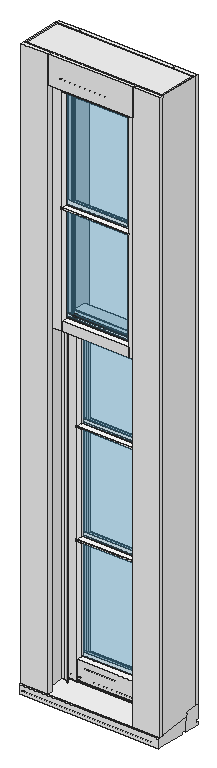
Revit family "B1-23H", category Generic Models, Revit 2012
Parameters (values of type "Window Sill drawing")
  Width = 1600 mm
  Height = 1250 mm
  GlazingPanelMaterial = Glass
  Floor Material = White
Reference planes
  plane 1 "Center (Front/Back)": y = 0
  plane 2: z = 0
  plane 3 "Center (Left/Right)": x = 104
  plane 4: z = 2144
  plane 5: x = -800
  plane 6: y = -21.25
  plane 7: y = 137.75
  plane 8: x = -673.921
  plane 9: y = -21.25
  plane 10: z = 1275.52
  plane 11: z = 1231.52
  plane 12: z = 2044
  plane 13: z = 2058
  plane 14: z = 33
  plane 15: z = 2062
  plane 16: z = 68
  plane 17: x = -289
  plane 18: x = -431.5
  plane 19: x = -184.921
  plane 20: z = -98.018
  plane 21: x = 73
  plane 22: x = 718
  plane 23: z = 2144
  plane 24: y = 110
  plane 25: y = 110
  plane 26: y = 110
  plane 27: z = 503.56
  plane 28: z = 2013.938
  plane 29: z = 1628.52
  plane 30: y = 39
  plane 31: y = 39
  plane 32: y = 39
  plane 33: x = -419.843
  plane 34: z = 1276.011
  plane 35: x = -669
  plane 36: z = 1276.011
  plane 37: x = -419.937
  plane 38: z = 877.04
  plane 39: y = 110
  plane 40: y = 110
  plane 41: y = 110
Forms (mm)
  Extrusion 1, solid, material "White" <- "Floor Material"
    sketch origin (250, 0, 963.815) x (0, 1, 0) y (0, 0, 1)
      loop
        arc (117, 270.705) -> (122.657, 273.048) -> (125, 278.705) r 8
        line (125, 278.705) -> (128, 278.705) -> (128, 283.705) -> (109, 283.705) -> (109, 271.705) -> (112, 271.705) -> (113, 267.705) -> (117, 267.705) -> (117, 270.705)
      loop
        line (105, 279.705) -> (89, 279.705) -> (89, 269.705) -> (105, 269.705) -> (105, 279.705)
      loop
        line (60, 267.705) -> (60, 292.705) -> (54, 292.705) -> (54, 295.705) -> (12, 295.705) -> (12, 311.705) -> (10, 311.705) -> (0, 301.705) -> (0, 267.705) -> (30.175, 267.705) -> (60, 267.705)
      loop
        line (34, 309.705) -> (18, 309.705) -> (18, 299.705) -> (34, 299.705) -> (34, 309.705)
      loop
        arc (55.665, 295.442) -> (54.649, 294.458) -> (55.634, 293.443) r 1
        line (55.634, 293.443) -> (63.133, 293.326) -> (63.194, 297.295) -> (65.207, 294.451)
        arc (65.207, 294.451) -> (66.521, 294.532) -> (66.643, 295.843) r 1.012
        line (66.643, 295.843) -> (63.721, 299.971)
        arc (63.721, 299.971) -> (62.24, 300.518) -> (61.196, 299.332) r 1.396
        line (61.196, 299.332) -> (61.134, 295.357) -> (55.665, 295.442)
    from -917.922 to -670.921
  Extrusion 2, solid, material "White" <- "Floor Material"
    sketch origin (1015, 13.291, 911.009) x (0, 1, 0) y (0, 0, 1)
      loop
        line (69.709, 336.511) -> (96.209, 336.511) -> (96.209, 364.511) -> (50.709, 364.511) -> (50.709, 359.511) -> (52.709, 349.511) -> (57.709, 349.511) -> (57.709, 339.968) -> (63.93, 339.968) -> (63.93, 336.511) -> (57.709, 336.511) -> (57.709, 320.511) -> (69.709, 320.511) -> (69.709, 336.511)
      loop
        line (53.709, 320.511) -> (53.709, 325.511) -> (51.709, 335.511) -> (46.709, 335.511) -> (46.709, 320.511) -> (53.709, 320.511)
      loop
        line (46.709, 364.511) -> (28.709, 364.511) -> (27.709, 360.511) -> (24.709, 360.511) -> (24.709, 348.511) -> (46.709, 348.511) -> (46.709, 364.511)
      loop
        arc (62.306, 337.456) -> (63.306, 338.456) -> (62.306, 339.456) r 1
        line (62.306, 339.456) -> (54.806, 339.456) -> (54.806, 335.487) -> (52.749, 338.298)
        arc (52.749, 338.298) -> (51.436, 338.197) -> (51.335, 336.884) r 1.012
        line (51.335, 336.884) -> (54.321, 332.802)
        arc (54.321, 332.802) -> (55.811, 332.278) -> (56.835, 333.48) r 1.396
        line (56.835, 333.48) -> (56.835, 337.456) -> (62.306, 337.456)
    from -1688.922 to -1429.921
  Extrusion 3, solid, material "White" <- "Floor Material"
    sketch origin (865, 123.171, 924.733) x (0, 1, 0) y (0, 0, 1)
      loop
        line (-14.171, 306.296) -> (-10.171, 306.787) -> (-11.171, 310.787) -> (-14.171, 310.787) -> (-14.171, 306.296)
      loop
        line (-38.171, 306.542) -> (-38.171, 309.542) -> (-40.171, 309.787) -> (-40.171, 306.787) -> (-38.171, 306.542)
      loop
        line (-85.171, 351.278) -> (-85.171, 346.787) -> (-82.171, 346.787) -> (-81.171, 350.787) -> (-85.171, 351.278)
      loop
        line (-111.171, 347.787) -> (-109.171, 348.033) -> (-109.171, 351.033) -> (-111.171, 350.787) -> (-111.171, 347.787)
    from -1538.921 to -1279.921
  Extrusion 4, solid, material "Glass" <- "GlazingPanelMaterial"
    sketch origin (150, 64.106, 220.533) x (0, 1, 0) y (0, 0, 1)
      loop
        line (44.88, -103.528) -> (44.88, 1021.987) -> (40.88, 1021.987) -> (40.88, -103.528) -> (44.88, -103.528)
      loop
        line (24.88, 1021.987) -> (20.88, 1021.987) -> (20.88, -103.528) -> (24.88, -103.528) -> (24.88, 1021.987)
    from -823.921 to -580.921
  Extrusion 5, solid, material "White" <- "Floor Material"
    sketch origin (761.418, 125.498, 1270.719) x (0, -0.121869, -0.992546) y (0, 0.992546, -0.121869)
      loop
        line (28.327, -57.65) -> (23.969, -54.354)
        arc (23.969, -54.354) -> (22.506, -54.612) -> (22.765, -56.075) r 1.05
        line (22.765, -56.075) -> (26.332, -58.837)
        arc (26.332, -58.837) -> (26.584, -59.776) -> (25.835, -60.396) r 0.9
        line (25.835, -60.396) -> (19.693, -61.15)
        arc (19.693, -61.15) -> (19.162, -61.383) -> (18.989, -61.936) r 0.7
        line (18.989, -61.936) -> (19.197, -63.633) -> (19.712, -64.398) -> (20.1, -67.562) -> (19.196, -66.76) -> (19.293, -67.554) -> (20.152, -68.225) -> (20.951, -68.183) -> (23.094, -67.324) -> (22.996, -66.53) -> (20.532, -66.978) -> (20.205, -64.315)
        arc (20.205, -64.315) -> (20.389, -63.651) -> (20.989, -63.312) r 0.9
        line (20.989, -63.312) -> (28.761, -62.358)
        arc (28.761, -62.358) -> (29.205, -62.1) -> (29.324, -61.601) r 0.65
        line (29.324, -61.601) -> (28.752, -58.33)
        arc (28.752, -58.33) -> (28.631, -57.932) -> (28.327, -57.65) r 0.798
    from -1435.339 to -1181
  Extrusion 6, solid, material "White" <- "Floor Material"
    sketch origin (911.418, 126.532, 1271.954) x (0, -0.121869, -0.992546) y (0, 0.992546, -0.121869)
      loop
        arc (25.38, -55.148) -> (23.778, -55.428) -> (24.057, -57.03) r 1.15
        line (24.057, -57.03) -> (27.62, -59.789)
        arc (27.62, -59.789) -> (27.84, -60.623) -> (27.175, -61.172) r 0.8
        line (27.175, -61.172) -> (20.939, -61.931)
        arc (20.939, -61.931) -> (20.405, -62.232) -> (20.241, -62.823) r 0.8
        line (20.241, -62.823) -> (20.45, -64.52) -> (20.968, -65.312) -> (21.339, -68.337) -> (20.548, -67.635) -> (20.645, -68.429) -> (21.504, -69.1) -> (22.303, -69.058) -> (24.446, -68.2) -> (24.348, -67.406) -> (21.983, -67.835) -> (21.657, -65.178)
        arc (21.657, -65.178) -> (21.82, -64.588) -> (22.353, -64.287) r 0.8
        line (22.353, -64.287) -> (30.127, -63.332)
        arc (30.127, -63.332) -> (30.638, -63.034) -> (30.774, -62.459) r 0.75
        line (30.774, -62.459) -> (30.244, -59.424)
        arc (30.244, -59.424) -> (30.154, -58.918) -> (29.833, -58.516) r 1.042
        line (29.833, -58.516) -> (25.38, -55.148)
    from -1585.339 to -1331
  Extrusion 7, solid, material "White" <- "Floor Material"
    sketch origin (861.418, 121.497, 1283.598) x (0, -0.121869, -0.992546) y (0, 0.992546, -0.121869)
      loop
        line (37.899, -55.316) -> (32.161, -55.997)
        arc (32.161, -55.997) -> (31.827, -56.184) -> (31.724, -56.554) r 0.5
        line (31.724, -56.554) -> (32.395, -62.021) -> (31.491, -61.219) -> (31.588, -62.013) -> (32.447, -62.684) -> (33.246, -62.642) -> (35.389, -61.784) -> (35.291, -60.989) -> (32.827, -61.437) -> (32.285, -57.019)
        arc (32.285, -57.019) -> (32.428, -56.659) -> (32.772, -56.479) r 0.558
        line (32.772, -56.479) -> (37.96, -55.818)
        arc (37.96, -55.818) -> (38.179, -55.536) -> (37.899, -55.316) r 0.253
    from -1535.339 to -1302.918
  Extrusion 8, solid, material "White" <- "Floor Material"
    sketch origin (-78.582, 5.502, 1236.603) x (0, 0.121869, 0.992546) y (0, -0.992546, 0.121869)
      loop
        line (28.327, -57.65) -> (23.969, -54.354)
        arc (23.969, -54.354) -> (22.506, -54.612) -> (22.765, -56.075) r 1.05
        line (22.765, -56.075) -> (26.332, -58.837)
        arc (26.332, -58.837) -> (26.584, -59.776) -> (25.835, -60.396) r 0.9
        line (25.835, -60.396) -> (19.693, -61.15)
        arc (19.693, -61.15) -> (19.162, -61.383) -> (18.989, -61.936) r 0.7
        line (18.989, -61.936) -> (19.197, -63.633) -> (19.712, -64.398) -> (20.1, -67.562) -> (19.196, -66.76) -> (19.293, -67.554) -> (20.152, -68.225) -> (20.951, -68.183) -> (23.094, -67.324) -> (22.996, -66.53) -> (20.532, -66.978) -> (20.205, -64.315)
        arc (20.205, -64.315) -> (20.389, -63.651) -> (20.989, -63.312) r 0.9
        line (20.989, -63.312) -> (28.761, -62.358)
        arc (28.761, -62.358) -> (29.205, -62.1) -> (29.324, -61.601) r 0.65
        line (29.324, -61.601) -> (28.752, -58.33)
        arc (28.752, -58.33) -> (28.631, -57.932) -> (28.327, -57.65) r 0.798
    from -595.339 to -352.339
  Extrusion 9, solid, material "White" <- "Floor Material"
    sketch origin (736.418, 9.503, 1223.725) x (0, 0.121869, 0.992546) y (0, -0.992546, 0.121869)
      loop
        line (37.899, -55.316) -> (32.161, -55.997)
        arc (32.161, -55.997) -> (31.827, -56.184) -> (31.724, -56.554) r 0.5
        line (31.724, -56.554) -> (32.395, -62.021) -> (31.491, -61.219) -> (31.588, -62.013) -> (32.447, -62.684) -> (33.246, -62.642) -> (35.389, -61.784) -> (35.291, -60.989) -> (32.827, -61.437) -> (32.285, -57.019)
        arc (32.285, -57.019) -> (32.428, -56.659) -> (32.772, -56.479) r 0.558
        line (32.772, -56.479) -> (37.96, -55.818)
        arc (37.96, -55.818) -> (38.179, -55.536) -> (37.899, -55.316) r 0.253
    from -1410.339 to -1167.339
  Extrusion 10, solid, material "White" <- "Floor Material"
    sketch origin (815, 0, 963.815) x (0, 1, 0) y (0, 0, 1)
      loop
        line (38, 299.705) -> (12, 299.705) -> (12, 295.705) -> (38, 295.705) -> (38, 299.705)
      loop
        line (109, 283.705) -> (83, 283.705) -> (83, 279.705) -> (109, 279.705) -> (109, 283.705)
    from -1488.921 to -1234.582
  Extrusion 11, solid, not visible
    sketch origin (0, 0, 9.375) x (0, 1, 0) y (0, 0, 1)
      loop
        line (94.662, 311.911) -> (94.314, 312.868) -> (95.314, 312.868) -> (93.454, 317.977) -> (86.115, 317.977) -> (85.011, 317.575) -> (64.143, 317.575) -> (64.143, 311.911) -> (94.662, 311.911)
    from 0 to 250
  Extrusion 12, solid, not visible
    sketch origin (0, 0, 9.375) x (0, 1, 0) y (0, 0, 1)
      loop
        line (93.688, 317.334) -> (85.92, 317.334) -> (87.101, 312.926) -> (95.293, 312.926) -> (93.688, 317.334)
      loop
        line (91.853, 322.376) -> (91.853, 328.194)
        arc (91.853, 328.194) -> (91.424, 329.231) -> (90.388, 329.66) r 1.465
        line (90.388, 329.66) -> (71.853, 329.66) -> (71.853, 322.376) -> (91.853, 322.376)
      loop
        line (73.373, 320.598) -> (64.143, 320.598) -> (64.143, 317.575) -> (73.373, 317.575) -> (73.373, 320.598)
      loop
        line (61.169, 311.884) -> (61.169, 316.884) -> (56.169, 316.884)
        arc (56.169, 316.884) -> (53.926, 317.813) -> (52.996, 320.057) r 3.173
        line (52.996, 320.057) -> (52.996, 327.594)
        arc (52.996, 327.594) -> (53.247, 329.284) -> (54.656, 330.25) r 2.138
        line (54.656, 330.25) -> (56.493, 330.25)
        arc (56.493, 330.25) -> (57.939, 329.727) -> (58.925, 328.548) r 2.95
        line (58.925, 328.548) -> (59.306, 324.922) -> (61.24, 324.922) -> (60.612, 330.901)
        arc (60.612, 330.901) -> (59.723, 332.646) -> (57.894, 333.348) r 2.733
        line (57.894, 333.348) -> (52.423, 333.348)
        arc (52.423, 333.348) -> (50.164, 330.795) -> (49.999, 327.391) r 5.139
        line (49.999, 327.391) -> (47.957, 316.884)
        arc (47.957, 316.884) -> (49.179, 314.507) -> (49.698, 311.884) r 9.583
        line (49.698, 311.884) -> (61.169, 311.884)
    from 0 to 250
  Extrusion 13, solid, material "White" <- "Floor Material"
    sketch origin (50, -21.25, 1760.188) x (0, 1, 0) y (0, 0, 1)
      loop
        line (78.5, 268.749) -> (59.5, 268.749) -> (59.5, 256.749) -> (62.5, 256.749) -> (63.5, 252.749) -> (67.5, 252.749) -> (67.5, 255.749)
        arc (67.5, 255.749) -> (73.157, 258.092) -> (75.5, 263.749) r 8
        line (75.5, 263.749) -> (78.5, 263.749) -> (78.5, 268.749)
      loop
        line (67.534, 317.378) -> (63.288, 313.116) -> (63.101, 309.432)
        arc (63.101, 309.432) -> (63.279, 308.951) -> (63.75, 308.749) r 0.65
        line (63.75, 308.749) -> (71.582, 308.749)
        arc (71.582, 308.749) -> (72.219, 308.486) -> (72.482, 307.849) r 0.9
        line (72.482, 307.849) -> (72.482, 305.266) -> (69.639, 305.266) -> (69.639, 304.437) -> (70.5, 304.437) -> (72.582, 304.032) -> (73.5, 304.437) -> (73.5, 308.749) -> (73.4, 310.459)
        arc (73.4, 310.459) -> (73.16, 310.987) -> (72.605, 311.153) r 0.7
        line (72.605, 311.153) -> (66.417, 311.153)
        arc (66.417, 311.153) -> (65.695, 311.514) -> (65.553, 312.309) r 0.9
        line (65.553, 312.309) -> (68.938, 315.817)
        arc (68.938, 315.817) -> (69.016, 317.299) -> (67.534, 317.378) r 1.05
    from -723.921 to -464.921
  Extrusion 14, solid, material "White" <- "Floor Material"
    sketch origin (50, -21.25, 1749.251) x (0, 1, 0) y (0, 0, 1)
      loop
        line (154, 344.749) -> (154, 388.749) -> (20, 388.749) -> (20, 344.749) -> (154, 344.749)
    from -749.921 to -439
  Extrusion 15, solid, material "Glass" <- "GlazingPanelMaterial"
    sketch origin (0, -6.957, 1502.493) x (0, 1, 0) y (0, 0, 1)
      loop
        line (45.207, -226.973) -> (45.207, 526.445) -> (41.207, 526.445) -> (41.207, -226.973) -> (45.207, -226.973)
      loop
        line (24.957, 526.445) -> (20.957, 526.445) -> (20.957, -226.973) -> (24.957, -226.973) -> (24.957, 526.445)
    from -673.921 to -430.921
  Extrusion 16, solid, material "White" <- "Floor Material"
    sketch origin (-72.332, 95.318, 2181.485) x (0, 1, 0) y (0, 0, 1)
      loop
        line (-97.368, -115.408) -> (-98.782, -115.408) -> (-98.782, -120.691) -> (-97.368, -120.691) -> (-97.368, -119.602) -> (-97.368, -116.493) -> (-97.368, -115.408)
    from -601.589 to -359.168
  Extrusion 17, solid, material "White" <- "Floor Material"
    sketch origin (50, -21.25, 1760.188) x (0, 1, 0) y (0, 0, 1)
      loop
        line (17, 304.499) -> (13, 304.499) -> (13, 301.999) -> (17, 301.999) -> (17, 299.749) -> (20, 299.749) -> (20, 301.694) -> (19.2, 301.694) -> (19.2, 300.606) -> (17.786, 300.606) -> (17.786, 305.893) -> (19.2, 305.893) -> (19.2, 304.804) -> (20, 304.804) -> (20, 306.749) -> (17, 306.749) -> (17, 304.499)
    from -723.921 to -481.5
  Extrusion 18, solid, material "White" <- "Floor Material"
    sketch origin (50, -21.25, 1760.188) x (0, 1, 0) y (0, 0, 1)
      loop
        line (23.862, 300.393) -> (23.862, 306.074)
        spline (23.862, 306.074) -> (23.6, 305.683) -> (23.284, 305.425) -> (22.922, 305.27) -> (22.524, 305.189) -> (22.101, 305.153) -> (21.66, 305.133) -> (21.213, 305.1) -> (20.767, 305.024) -> (20.334, 304.876) -> (19.922, 304.627) -> (19.541, 304.248) -> (19.2, 303.71)
        line (19.2, 303.71) -> (19.2, 302.476)
        spline (19.2, 302.476) -> (19.558, 301.967) -> (19.948, 301.615) -> (20.362, 301.392) -> (20.792, 301.269) -> (21.23, 301.216) -> (21.669, 301.205) -> (22.099, 301.206) -> (22.515, 301.191) -> (22.906, 301.132) -> (23.267, 300.998) -> (23.588, 300.761) -> (23.862, 300.393)
    from -723.921 to -484
  Extrusion 19, solid, material "White" <- "Floor Material"
    sketch origin (-22.332, 36.182, 2181.485) x (0, -1, 0) y (0, 0, -1)
      loop
        line (-97.368, 115.408) -> (-97.368, 116.493) -> (-97.368, 119.602) -> (-97.368, 120.691) -> (-98.782, 120.691) -> (-98.782, 115.408) -> (-97.368, 115.408)
    from -695.605 to -411.668
  Extrusion 20, solid, material "White" <- "Floor Material"
    sketch origin (25, 152.75, 1760.188) x (0, -1, 0) y (0, 0, -1)
      loop
        spline (23.862, -300.393) -> (23.588, -300.761) -> (23.267, -300.998) -> (22.906, -301.132) -> (22.515, -301.191) -> (22.099, -301.206) -> (21.669, -301.205) -> (21.23, -301.216) -> (20.792, -301.269) -> (20.362, -301.392) -> (19.948, -301.615) -> (19.558, -301.967) -> (19.2, -302.476)
        line (19.2, -302.476) -> (19.2, -303.71)
        spline (19.2, -303.71) -> (19.541, -304.248) -> (19.922, -304.627) -> (20.334, -304.876) -> (20.767, -305.024) -> (21.213, -305.1) -> (21.66, -305.133) -> (22.101, -305.153) -> (22.524, -305.189) -> (22.922, -305.27) -> (23.284, -305.425) -> (23.6, -305.683) -> (23.862, -306.074)
        line (23.862, -306.074) -> (23.862, -300.393)
    from -698.921 to -456.5
  Extrusion 21, solid, material "White" <- "Floor Material"
    sketch origin (50, 234.566, 1876.409) x (0, 1, 0) y (0, 0, 1)
      loop
        line (-222.316, 137.529) -> (-220.566, 137.744) -> (-220.566, 140.529) -> (-222.316, 140.529) -> (-222.316, 137.529)
      loop
        line (-193.316, 140.529) -> (-196.316, 140.529) -> (-196.316, 136.529) -> (-192.316, 136.529) -> (-193.316, 140.529)
    from -723.921 to -469.582
  Extrusion 22, solid, material "White" <- "Floor Material"
    sketch origin (50, -21.25, 1749.251) x (0, 1, 0) y (0, 0, 1)
      loop
        line (159, 312.749) -> (159, 388.749) -> (20, 388.749) -> (20, 329.749) -> (15, 329.749) -> (15, 321.749) -> (20, 321.749) -> (20, 312.749) -> (83, 312.749) -> (83, 319.749) -> (91, 319.749) -> (91, 312.749) -> (159, 312.749)
    from -767.938 to -421
  Extrusion 23, solid, material "White" <- "Floor Material"
    sketch origin (-172.332, 69.685, -12.907) x (0, -1, 0) y (0, 0, -1)
      loop
        line (-28.815, -17.907) -> (-28.815, -45.907) -> (-33.815, -45.907) -> (-33.815, -60.907) -> (-28.815, -60.907) -> (92.551, -46.005)
        arc (92.551, -46.005) -> (94.432, -45.015) -> (95.185, -43.027) r 3
        line (95.185, -43.027) -> (95.185, -12.907) -> (90.185, -12.907) -> (90.185, -14.907)
        arc (90.185, -14.907) -> (87.185, -17.907) -> (84.185, -14.907) r 3
        line (84.185, -14.907) -> (84.185, -12.907) -> (-8.815, -12.907) -> (-8.815, -17.907) -> (-28.815, -17.907)
    from -627.668 to -116.668
  Extrusion 24, solid, material "White" <- "Floor Material"
    sketch origin (-172.332, 69.685, 0) x (0, -1, 0) y (0, 0, -1)
      loop
        line (-82.815, 0) -> (-82.815, -10) -> (-72.815, -10) -> (-72.815, -20) -> (-82.815, -20) -> (-82.815, -68) -> (-62.815, -68) -> (-28.815, -63.825) -> (-28.815, -58.913)
        arc (-28.815, -58.913) -> (-31.815, -55.913) -> (-28.815, -52.913) r 3
        line (-28.815, -52.913) -> (-28.815, -48) -> (-33.815, -48) -> (-33.815, -33) -> (-28.815, -33) -> (-28.815, 0) -> (-82.815, 0)
    from -627.668 to -116.668
  Extrusion 25, solid, material "White" <- "Floor Material"
    sketch origin (-172.332, 75.723, -26.266) x (0, -1, 0) y (0, 0, -1)
      loop
        line (-6.277, -76.621) -> (-17.277, -77.972) -> (-17.277, -99.936) -> (-21.277, -99.936) -> (-21.277, -139.271) -> (-7.277, -139.271) -> (-7.277, -155.271) -> (-5.277, -155.271) -> (4.723, -145.271) -> (4.723, -77.246)
        arc (4.723, -77.246) -> (3.711, -74.999) -> (1.357, -74.268) r 3
        line (1.357, -74.268) -> (-3.277, -74.837) -> (-3.277, -82.253) -> (-6.277, -82.253) -> (-6.277, -76.621)
      loop
        line (-55.277, -139.271) -> (-29.277, -139.271) -> (-29.277, -99.936) -> (-33.277, -99.936) -> (-33.277, -94.936) -> (-44.277, -96.287) -> (-44.277, -102.287) -> (-47.277, -102.287) -> (-47.277, -96.655) -> (-52.643, -97.314)
        arc (-52.643, -97.314) -> (-54.524, -98.304) -> (-55.277, -100.292) r 3
        line (-55.277, -100.292) -> (-55.277, -139.271)
    from -495.589 to -248.589
  Extrusion 26, solid, material "White" <- "Floor Material"
    sketch origin (-172.332, 36.806, -33.552) x (0, -1, 0) y (0, 0, -1)
      loop
        line (-97.22, -108.207) -> (-97.22, -106.552) -> (-98.72, -106.552) -> (-98.72, -111.552) -> (-97.22, -111.552) -> (-97.22, -109.898)
        spline (-97.22, -109.898) -> (-96.846, -110.536) -> (-96.419, -110.991) -> (-95.951, -111.297) -> (-95.454, -111.486) -> (-94.941, -111.593) -> (-94.423, -111.65) -> (-93.912, -111.691) -> (-93.422, -111.75) -> (-92.964, -111.859) -> (-92.55, -112.054) -> (-92.193, -112.366) -> (-91.905, -112.83)
        line (-91.905, -112.83) -> (-91.905, -105.274)
        spline (-91.905, -105.274) -> (-92.193, -105.738) -> (-92.55, -106.051) -> (-92.964, -106.245) -> (-93.422, -106.355) -> (-93.912, -106.414) -> (-94.423, -106.455) -> (-94.941, -106.512) -> (-95.454, -106.619) -> (-95.951, -106.808) -> (-96.419, -107.113) -> (-96.846, -107.569) -> (-97.22, -108.207)
    from -501.589 to -274.168
  Extrusion 27, solid, material "White" <- "Floor Material"
    sketch origin (-172.332, 73.367, -7.569) x (0, -1, 0) y (0, 0, -1)
      loop
        line (-54.633, -125.574) -> (-51.633, -125.574)
        arc (-51.633, -125.574) -> (-49.289, -131.23) -> (-43.633, -133.574) r 8
        line (-43.633, -133.574) -> (-43.633, -136.574) -> (-39.633, -136.574) -> (-38.633, -132.574) -> (-35.633, -132.574) -> (-35.633, -120.574) -> (-54.633, -120.574) -> (-54.633, -125.574)
    from -501.589 to -269.168
  Extrusion 28, solid, material "White" <- "Floor Material"
    sketch origin (-172.332, 69.685, 0) x (0, -1, 0) y (0, 0, -1)
      loop
        line (-39.315, -113.004) -> (-39.315, -117.004) -> (-15.315, -117.004) -> (-15.315, -126.25) -> (-13.315, -126.004) -> (-13.315, -113.004) -> (-39.315, -113.004)
    from -501.589 to -269.168
  Extrusion 29, solid, material "White" <- "Floor Material"
    sketch origin (-153.582, 101.098, -13.29) x (0, -1, 0) y (0, 0, -1)
      loop
        line (28.327, -57.65) -> (23.969, -54.354)
        arc (23.969, -54.354) -> (22.506, -54.612) -> (22.765, -56.075) r 1.05
        line (22.765, -56.075) -> (26.332, -58.837)
        arc (26.332, -58.837) -> (26.584, -59.776) -> (25.835, -60.396) r 0.9
        line (25.835, -60.396) -> (19.693, -61.15)
        arc (19.693, -61.15) -> (19.162, -61.383) -> (18.989, -61.936) r 0.7
        line (18.989, -61.936) -> (19.197, -63.633) -> (19.712, -64.398) -> (20.1, -67.562) -> (19.196, -66.76) -> (19.293, -67.554) -> (20.152, -68.225) -> (20.951, -68.183) -> (23.094, -67.324) -> (22.996, -66.53) -> (20.532, -66.978) -> (20.205, -64.315)
        arc (20.205, -64.315) -> (20.389, -63.651) -> (20.989, -63.312) r 0.9
        line (20.989, -63.312) -> (28.761, -62.358)
        arc (28.761, -62.358) -> (29.205, -62.1) -> (29.324, -61.601) r 0.65
        line (29.324, -61.601) -> (28.752, -58.33)
        arc (28.752, -58.33) -> (28.631, -57.932) -> (28.327, -57.65) r 0.798
    from -551.339 to -266
  Extrusion 30, solid, material "White" <- "Floor Material"
    sketch origin (-153.582, 113.393, -7.749) x (0, -1, 0) y (0, 0, -1)
      loop
        line (37.899, -55.316) -> (32.161, -55.997)
        arc (32.161, -55.997) -> (31.827, -56.184) -> (31.724, -56.554) r 0.5
        line (31.724, -56.554) -> (32.395, -62.021) -> (31.491, -61.219) -> (31.588, -62.013) -> (32.447, -62.684) -> (33.246, -62.642) -> (35.389, -61.784) -> (35.291, -60.989) -> (32.827, -61.437) -> (32.285, -57.019)
        arc (32.285, -57.019) -> (32.428, -56.659) -> (32.772, -56.479) r 0.558
        line (32.772, -56.479) -> (37.96, -55.818)
        arc (37.96, -55.818) -> (38.179, -55.536) -> (37.899, -55.316) r 0.253
    from -520.339 to -280.418
  Extrusion 31, solid, material "White" <- "Floor Material"
    sketch origin (-172.332, 69.685, 0) x (0, -1, 0) y (0, 0, -1)
      loop
        line (-35.315, -127.004) -> (-19.315, -127.004) -> (-19.315, -117.004) -> (-35.315, -117.004) -> (-35.315, -127.004)
    from -501.589 to -259.168
  Extrusion 32, solid, material "White" <- "Floor Material"
    sketch origin (-153.582, 142.098, 6.744) x (0, -1, 0) y (0, 0, -1)
      loop
        line (28.327, -57.65) -> (23.969, -54.354)
        arc (23.969, -54.354) -> (22.506, -54.612) -> (22.765, -56.075) r 1.05
        line (22.765, -56.075) -> (26.332, -58.837)
        arc (26.332, -58.837) -> (26.584, -59.776) -> (25.835, -60.396) r 0.9
        line (25.835, -60.396) -> (19.693, -61.15)
        arc (19.693, -61.15) -> (19.162, -61.383) -> (18.989, -61.936) r 0.7
        line (18.989, -61.936) -> (19.197, -63.633) -> (19.712, -64.398) -> (20.1, -67.562) -> (19.196, -66.76) -> (19.293, -67.554) -> (20.152, -68.225) -> (20.951, -68.183) -> (23.094, -67.324) -> (22.996, -66.53) -> (20.532, -66.978) -> (20.205, -64.315)
        arc (20.205, -64.315) -> (20.389, -63.651) -> (20.989, -63.312) r 0.9
        line (20.989, -63.312) -> (28.761, -62.358)
        arc (28.761, -62.358) -> (29.205, -62.1) -> (29.324, -61.601) r 0.65
        line (29.324, -61.601) -> (28.752, -58.33)
        arc (28.752, -58.33) -> (28.631, -57.932) -> (28.327, -57.65) r 0.798
    from -520.339 to -287.918
  Extrusion 33, solid, material "White" <- "Floor Material"
    sketch origin (-153.582, 143.45, 5.869) x (0, -1, 0) y (0, 0, -1)
      loop
        arc (25.38, -55.148) -> (23.778, -55.428) -> (24.057, -57.03) r 1.15
        line (24.057, -57.03) -> (27.62, -59.789)
        arc (27.62, -59.789) -> (27.84, -60.623) -> (27.175, -61.172) r 0.8
        line (27.175, -61.172) -> (20.939, -61.931)
        arc (20.939, -61.931) -> (20.405, -62.232) -> (20.241, -62.823) r 0.8
        line (20.241, -62.823) -> (20.45, -64.52) -> (20.968, -65.312) -> (21.339, -68.337) -> (20.548, -67.635) -> (20.645, -68.429) -> (21.504, -69.1) -> (22.303, -69.058) -> (24.446, -68.2) -> (24.348, -67.406) -> (21.983, -67.835) -> (21.657, -65.178)
        arc (21.657, -65.178) -> (21.82, -64.588) -> (22.353, -64.287) r 0.8
        line (22.353, -64.287) -> (30.127, -63.332)
        arc (30.127, -63.332) -> (30.638, -63.034) -> (30.774, -62.459) r 0.75
        line (30.774, -62.459) -> (30.244, -59.424)
        arc (30.244, -59.424) -> (30.154, -58.918) -> (29.833, -58.516) r 1.042
        line (29.833, -58.516) -> (25.38, -55.148)
    from -520.339 to -287.918
  Extrusion 34, solid, material "White" <- "Floor Material"
    sketch origin (-153.582, 154.393, 12.285) x (0, -1, 0) y (0, 0, -1)
      loop
        line (37.899, -55.316) -> (32.161, -55.997)
        arc (32.161, -55.997) -> (31.827, -56.184) -> (31.724, -56.554) r 0.5
        line (31.724, -56.554) -> (32.395, -62.021) -> (31.491, -61.219) -> (31.588, -62.013) -> (32.447, -62.684) -> (33.246, -62.642) -> (35.389, -61.784) -> (35.291, -60.989) -> (32.827, -61.437) -> (32.285, -57.019)
        arc (32.285, -57.019) -> (32.428, -56.659) -> (32.772, -56.479) r 0.558
        line (32.772, -56.479) -> (37.96, -55.818)
        arc (37.96, -55.818) -> (38.179, -55.536) -> (37.899, -55.316) r 0.253
    from -520.339 to -287.918
  Extrusion 35, solid, material "White" <- "Floor Material"
    sketch origin (-172.332, 69.685, 0) x (0, -1, 0) y (0, 0, -1)
      loop
        line (-39.315, -129.495) -> (-39.315, -125.004) -> (-42.315, -125.004) -> (-43.315, -129.004) -> (-39.315, -129.495)
      loop
        line (-15.315, -129.25) -> (-13.315, -129.004) -> (-13.315, -126.004) -> (-15.315, -126.25) -> (-15.315, -129.25)
    from -501.589 to -247.25
  Extrusion 36, solid, material "White" <- "Floor Material"
    sketch origin (-511.418, -643.153, 0) x (1, 0, 0) y (0, 1, 0)
      loop
        line (-280.004, 695.902) -> (-280.004, 650.902) -> (-235.004, 650.902) -> (-235.004, 695.902) -> (-280.004, 695.902)
      loop
        circle (-257.504, 673.402) r 3.5
      loop
        circle (-257.504, 744.402) r 3.5
      loop
        line (-235.004, 766.902) -> (-280.004, 766.902) -> (-280.004, 721.902) -> (-235.004, 721.902) -> (-235.004, 766.902)
      loop
        line (-281.504, 707.402) -> (-233.504, 707.402) -> (-233.504, 710.402) -> (-281.504, 710.402) -> (-281.504, 707.402)
      loop
        line (-206.504, 712.902) -> (-213.504, 712.902) -> (-213.504, 704.902) -> (-192.504, 704.902)
        arc (-192.504, 704.902) -> (-188.504, 708.902) -> (-192.504, 712.902) r 4
        line (-192.504, 712.902) -> (-206.504, 712.902)
    from 33 to 1685.937
  Extrusion 37, solid, material "White" <- "Floor Material"
    sketch origin (-511.434, -643.965, 0) x (1, 0, 0) y (0, 1, 0)
      loop
        line (-209.504, 752.402) -> (-254.504, 752.402) -> (-254.504, 736.402) -> (-209.504, 736.402) -> (-209.504, 729.902) -> (-206.504, 729.902) -> (-206.504, 758.902) -> (-209.504, 758.902) -> (-209.504, 752.402)
      loop
        line (-254.504, 681.402) -> (-254.504, 665.402) -> (-209.504, 665.402) -> (-209.504, 658.902) -> (-206.504, 658.902) -> (-206.504, 687.902) -> (-209.504, 687.902) -> (-209.504, 681.402) -> (-254.504, 681.402)
    from 33 to 2028.937
  Extrusion 38, solid, material "White" <- "Floor Material"
    sketch origin (-511.418, -571.902, -672) x (1, 0, 0) y (0, 1, 0)
      loop
        line (-156.504, 643.402) -> (-146.504, 653.402) -> (-146.504, 655.402) -> (-162.504, 655.402) -> (-162.504, 703.402) -> (-199.504, 703.402)
        arc (-199.504, 703.402) -> (-201.625, 702.524) -> (-202.504, 700.402) r 3
        line (-202.504, 700.402) -> (-202.504, 679.402) -> (-196.504, 679.402) -> (-196.504, 667.402) -> (-202.504, 667.402) -> (-202.504, 654.402) -> (-196.504, 654.402) -> (-196.504, 651.402) -> (-202.504, 651.402) -> (-202.504, 646.402)
        arc (-202.504, 646.402) -> (-201.625, 644.281) -> (-199.504, 643.402) r 3
        line (-199.504, 643.402) -> (-156.504, 643.402)
    from 717.039 to 1919.52
  Extrusion 39, solid, not visible
    sketch origin (-848.022, -244.537, 0) x (1, 0, 0) y (0, 1, 0)
      loop
        line (-156.504, 643.402) -> (-146.504, 653.402) -> (-146.504, 655.402) -> (-162.504, 655.402) -> (-162.504, 703.402) -> (-199.504, 703.402)
        arc (-199.504, 703.402) -> (-201.625, 702.524) -> (-202.504, 700.402) r 3
        line (-202.504, 700.402) -> (-202.504, 695.402) -> (-196.504, 695.402) -> (-196.504, 692.402) -> (-202.504, 692.402) -> (-202.504, 679.402) -> (-196.504, 679.402) -> (-196.504, 667.402) -> (-202.504, 667.402) -> (-202.504, 646.402)
        arc (-202.504, 646.402) -> (-201.625, 644.281) -> (-199.504, 643.402) r 3
        line (-199.504, 643.402) -> (-156.504, 643.402)
    from 672 to 1294
  Extrusion 40, solid, not visible
    sketch origin (-848.022, -244.537, 0) x (1, 0, 0) y (0, 1, 0)
      loop
        line (-162.504, 700.402) -> (-162.504, 681.402) -> (-150.504, 681.402) -> (-150.504, 684.402) -> (-146.504, 685.402) -> (-146.504, 689.402) -> (-149.504, 689.402)
        arc (-149.504, 689.402) -> (-151.847, 695.059) -> (-157.504, 697.402) r 8
        line (-157.504, 697.402) -> (-157.504, 700.402) -> (-162.504, 700.402)
    from 672 to 1294
  Extrusion 41, solid, material "White" <- "Floor Material"
    sketch origin (-511.418, -714.403, 707.96) x (1, 0, 0) y (0, 1, 0)
      loop
        arc (-199.504, 774.402) -> (-201.625, 773.524) -> (-202.504, 771.402) r 3
        line (-202.504, 771.402) -> (-202.504, 766.402) -> (-196.504, 766.402) -> (-196.504, 763.402) -> (-202.504, 763.402) -> (-202.504, 750.402) -> (-196.504, 750.402) -> (-196.504, 738.402) -> (-202.504, 738.402) -> (-202.504, 717.402)
        arc (-202.504, 717.402) -> (-201.625, 715.281) -> (-199.504, 714.402) r 3
        line (-199.504, 714.402) -> (-156.504, 714.402) -> (-146.504, 724.402) -> (-146.504, 726.402) -> (-162.504, 726.402) -> (-162.504, 774.402) -> (-199.504, 774.402)
    from 523.56 to 1350.04
  Extrusion 42, solid, material "White" <- "Floor Material"
    sketch origin (-511.418, -714.403, 662.96) x (1, 0, 0) y (0, 1, 0)
      loop
        line (-157.504, 771.402) -> (-162.504, 771.402) -> (-162.504, 752.402) -> (-150.504, 752.402) -> (-150.504, 755.402) -> (-146.504, 756.402) -> (-146.504, 760.402) -> (-149.504, 760.402)
        arc (-149.504, 760.402) -> (-151.847, 766.059) -> (-157.504, 768.402) r 8
        line (-157.504, 768.402) -> (-157.504, 771.402)
    from 610.56 to 1395.04
  Extrusion 43, solid, material "White" <- "Floor Material"
    sketch origin (-511.418, 774.897, -660) x (1, 0, 0) y (0, 1, 0)
      loop
        arc (-204.331, -687.749) -> (-207.239, -689.467) -> (-208.592, -692.561) r 5.492
        arc (-208.592, -692.561) -> (-208.577, -693.238) -> (-207.9, -693.253) r 0.49
        line (-207.9, -693.253) -> (-207.702, -692.118)
        arc (-207.702, -692.118) -> (-206.44, -689.941) -> (-204.202, -688.789) r 4.477
        arc (-204.202, -688.789) -> (-203.814, -688.735) -> (-203.578, -688.421) r 0.511
        line (-203.578, -688.421) -> (-203.578, -686.619)
        arc (-203.578, -686.619) -> (-203.274, -687.204) -> (-203.257, -687.863) r 1.462
        line (-203.257, -687.863) -> (-203.257, -695.734)
        arc (-203.257, -695.734) -> (-202.89, -696.174) -> (-202.523, -695.734) r 0.373
        line (-202.523, -695.734) -> (-202.523, -693.221) -> (-200.345, -693.221) -> (-201.733, -694.086) -> (-199.555, -694.086) -> (-198.017, -693.779) -> (-198.017, -692.744)
        arc (-198.017, -692.744) -> (-198.357, -692.518) -> (-198.75, -692.402) r 1.365
        line (-198.75, -692.402) -> (-202.504, -692.402) -> (-202.504, -686.348)
        arc (-202.504, -686.348) -> (-203.437, -685.545) -> (-204.331, -686.391) r 0.919
        line (-204.331, -686.391) -> (-204.331, -687.749)
    from 660 to 1902.52
  Extrusion 44, solid, material "White" <- "Floor Material"
    sketch origin (-511.418, 774.402, 687.96) x (1, 0, 0) y (0, 1, 0)
      loop
        line (-204.331, -730.055) -> (-204.331, -731.414)
        arc (-204.331, -731.414) -> (-203.437, -732.26) -> (-202.504, -731.457) r 0.919
        line (-202.504, -731.457) -> (-202.504, -725.402) -> (-198.44, -725.402)
        arc (-198.44, -725.402) -> (-197.968, -724.672) -> (-198.44, -723.941) r 0.802
        line (-198.44, -723.941) -> (-199.555, -723.719) -> (-201.729, -723.719) -> (-201.113, -724.274) -> (-200.345, -724.584) -> (-202.523, -724.584) -> (-202.523, -722.012)
        arc (-202.523, -722.012) -> (-202.923, -721.612) -> (-203.323, -722.012) r 0.4
        line (-203.323, -722.012) -> (-203.323, -731.425) -> (-203.578, -730.607) -> (-203.578, -729.384)
        arc (-203.578, -729.384) -> (-203.814, -729.07) -> (-204.202, -729.016) r 0.511
        arc (-204.202, -729.016) -> (-206.634, -727.667) -> (-207.8, -725.142) r 4.477
        arc (-207.8, -725.142) -> (-208.241, -724.845) -> (-208.592, -725.244) r 0.402
        arc (-208.592, -725.244) -> (-207.239, -728.338) -> (-204.331, -730.055) r 5.492
    from 638 to 1370.04
  Extrusion 45, solid, not visible
    sketch origin (-511.418, -643.152, -230) x (1, 0, 0) y (0, 1, 0)
      loop
        line (-200.504, 641.902) -> (-200.504, 638.902) -> (-198.254, 638.902) -> (-198.254, 634.902) -> (-195.818, 634.902) -> (-195.818, 638.902) -> (-193.504, 638.902) -> (-193.504, 641.902) -> (-195.282, 641.902) -> (-195.282, 641.116) -> (-194.482, 641.116) -> (-194.482, 639.814) -> (-199.81, 639.814) -> (-199.81, 641.116) -> (-199.01, 641.116) -> (-199.01, 641.902) -> (-200.504, 641.902)
    from 230 to 852
  Extrusion 46, solid, not visible
    sketch origin (-511.418, -643.152, -140) x (1, 0, 0) y (0, 1, 0)
      loop
        line (-194.482, 639.814) -> (-194.482, 641.116) -> (-199.81, 641.116) -> (-199.81, 639.814) -> (-194.482, 639.814)
    from 140 to 762
  Extrusion 47, solid, not visible
    sketch origin (-511.418, -643.152, 0) x (1, 0, 0) y (0, 1, 0)
      loop
        spline (-199.847, 645.779) -> (-199.478, 645.505) -> (-199.241, 645.183) -> (-199.108, 644.823) -> (-199.048, 644.431) -> (-199.033, 644.016) -> (-199.035, 643.585) -> (-199.023, 643.147) -> (-198.97, 642.709) -> (-198.847, 642.279) -> (-198.624, 641.865) -> (-198.272, 641.475) -> (-197.764, 641.116)
        line (-197.764, 641.116) -> (-196.529, 641.116)
        spline (-196.529, 641.116) -> (-195.991, 641.457) -> (-195.612, 641.839) -> (-195.363, 642.251) -> (-195.215, 642.684) -> (-195.139, 643.129) -> (-195.106, 643.577) -> (-195.086, 644.017) -> (-195.05, 644.441) -> (-194.969, 644.838) -> (-194.814, 645.2) -> (-194.556, 645.517) -> (-194.166, 645.779)
        line (-194.166, 645.779) -> (-199.847, 645.779)
    from 0 to 622
  Extrusion 48, solid, material "White" <- "Floor Material"
    sketch origin (-513.129, -642.215, -140) x (1, 0, 0) y (0, 1, 0)
      loop
        line (-194.482, 777.991) -> (-199.81, 777.991) -> (-199.81, 776.688) -> (-194.482, 776.688) -> (-194.482, 777.991)
    from 140 to 762
  Extrusion 49, solid, material "White" <- "Floor Material"
    sketch origin (-513.129, -642.215, 0) x (1, 0, 0) y (0, 1, 0)
      loop
        line (-199.847, 772.026) -> (-194.166, 772.026)
        spline (-194.166, 772.026) -> (-194.556, 772.288) -> (-194.814, 772.604) -> (-194.969, 772.966) -> (-195.05, 773.364) -> (-195.086, 773.787) -> (-195.106, 774.228) -> (-195.139, 774.675) -> (-195.215, 775.121) -> (-195.363, 775.554) -> (-195.612, 775.966) -> (-195.991, 776.347) -> (-196.529, 776.688)
        line (-196.529, 776.688) -> (-197.764, 776.688)
        spline (-197.764, 776.688) -> (-198.272, 776.33) -> (-198.624, 775.94) -> (-198.847, 775.526) -> (-198.97, 775.096) -> (-199.023, 774.658) -> (-199.035, 774.219) -> (-199.033, 773.789) -> (-199.048, 773.373) -> (-199.108, 772.982) -> (-199.241, 772.621) -> (-199.478, 772.3) -> (-199.847, 772.026)
    from 0 to 622
  Extrusion 50, solid, material "White" <- "Floor Material"
    sketch origin (-509.535, 775.395, 707.96) x (1, 0, 0) y (0, 1, 0)
      loop
        line (-196.365, -777.429) -> (-197.323, -777.429) -> (-200.433, -777.429) -> (-201.693, -777.429) -> (-201.693, -778.733) -> (-196.365, -778.733) -> (-196.365, -777.429)
    from 618 to 1350.04
  Extrusion 51, solid, material "White" <- "Floor Material"
    sketch origin (-509.535, 775.395, 682.96) x (1, 0, 0) y (0, 1, 0)
      loop
        spline (-201.578, -772.766) -> (-201.21, -773.041) -> (-200.973, -773.362) -> (-200.839, -773.722) -> (-200.779, -774.114) -> (-200.765, -774.529) -> (-200.766, -774.96) -> (-200.755, -775.398) -> (-200.702, -775.836) -> (-200.579, -776.266) -> (-200.356, -776.68) -> (-200.004, -777.07) -> (-199.495, -777.429)
        line (-199.495, -777.429) -> (-198.261, -777.429)
        spline (-198.261, -777.429) -> (-197.722, -777.088) -> (-197.343, -776.707) -> (-197.095, -776.295) -> (-196.947, -775.861) -> (-196.871, -775.416) -> (-196.837, -774.968) -> (-196.817, -774.528) -> (-196.782, -774.104) -> (-196.701, -773.707) -> (-196.546, -773.345) -> (-196.288, -773.028) -> (-195.897, -772.766)
        line (-195.897, -772.766) -> (-201.578, -772.766)
    from 643 to 1375.04
  Extrusion 52, solid, material "White" <- "Floor Material"
    sketch origin (-510.459, 770.224, 707.96) x (1, 0, 0) y (0, 1, 0)
      loop
        line (-201.463, -771.474) -> (-201.463, -774.474) -> (-199.213, -774.474) -> (-199.213, -778.474) -> (-196.777, -778.474) -> (-196.777, -774.474) -> (-194.463, -774.474) -> (-194.463, -771.474) -> (-196.241, -771.474) -> (-196.241, -772.26) -> (-195.441, -772.26) -> (-195.441, -773.563) -> (-200.769, -773.563) -> (-200.769, -772.26) -> (-199.969, -772.26) -> (-199.969, -771.474) -> (-201.463, -771.474)
    from 618 to 1350.04
  Extrusion 53, solid, material "White" <- "Floor Material"
    sketch origin (0, 0, 1114.96) x (0, 1, 0) y (0, 0, 1)
      loop
        line (-21.25, 1029.04) -> (-21.25, 929.04) -> (-1.25, 929.04) -> (-1.25, 934.04) -> (-4.25, 934.04) -> (-4.25, 937.286) -> (-5.069, 937.286) -> (-4.706, 936.29) -> (-5.702, 937.286) -> (-5.702, 936.29) -> (-6.538, 937.286) -> (-6.538, 936.29) -> (-8.25, 937.54) -> (-6.538, 938.79) -> (-6.538, 937.794) -> (-5.702, 938.79) -> (-5.702, 937.794) -> (-4.706, 938.79) -> (-5.069, 937.794) -> (-4.25, 937.794) -> (-4.25, 938.79) -> (-4.25, 941.04) -> (-1.25, 941.04) -> (-1.25, 947.04) -> (-1.25, 956.04) -> (-6.25, 956.04) -> (-6.25, 964.04) -> (-1.25, 964.04) -> (-1.25, 1023.04) -> (-6.25, 1023.04) -> (-6.25, 1029.04) -> (-21.25, 1029.04)
      loop
        line (69.75, 933.04) -> (69.75, 947.04) -> (69.75, 954.04) -> (61.75, 954.04) -> (61.75, 933.04)
        arc (61.75, 933.04) -> (65.75, 929.04) -> (69.75, 933.04) r 4
    from -699.921 to -389
  Extrusion 54, solid, material "White" <- "Floor Material"
    sketch origin (-511.418, -643.152, 0) x (1, 0, 0) y (0, 1, 0)
      loop
        line (-288.504, 795.902) -> (-288.504, 780.902) -> (-206.504, 780.902) -> (-206.504, 795.902) -> (-288.504, 795.902)
    from 68 to 2144
  Extrusion 55, solid, material "White" <- "Floor Material"
    sketch origin (-511.418, -643.152, 0) x (1, 0, 0) y (0, 1, 0)
      loop
        line (-288.504, 621.902) -> (-188.504, 621.902) -> (-188.504, 636.902) -> (-288.504, 636.902) -> (-288.504, 621.902)
    from 33 to 2144
  Extrusion 56, solid, material "White" <- "Floor Material"
    sketch origin (-421.397, 18.977, 0) x (0, 1, 0) y (0, 0, -1)
      loop
        line (118.773, -68) -> (113.523, -68) -> (79.523, -63.825) -> (79.523, -58.913)
        arc (79.523, -58.913) -> (82.523, -55.913) -> (79.523, -52.913) r 3
        line (79.523, -52.913) -> (79.523, -48) -> (-25.227, -35.138) -> (-25.227, -2144) -> (118.773, -2144) -> (118.773, -68)
    from 372.603 to 378.603
  Extrusion 57, solid, material "White" <- "Floor Material"
    sketch origin (0, 0, 1120.96) x (0, 1, 0) y (0, 0, 1)
      loop
        line (137.75, 1023.04) -> (-6.25, 1023.04) -> (-6.25, 1017.04) -> (137.75, 1017.04) -> (137.75, 1023.04)
    from -793.921 to -294.921
  Sweep 58, solid, material "White" <- "Floor Material"
    path origin (0, -30, 0) x (1, 0, 0) y (0, 0, 1)
      loop
        line (-717.921, 2064.22) -> (-717.921, 68) -> (-371, 68) -> (-371, 2064.22) -> (-717.921, 2064.22)
    profile origin (-544.461, -30, 2064.22) x (0, 0, 1) y (0, -1, 0)
      loop
        line (-15, -162.75) -> (-15, -176.75)
        arc (-15, -176.75) -> (-9, -182.75) -> (-3, -176.75) r 6
        line (-3, -176.75) -> (0, -176.75) -> (0, -162.75) -> (-15, -162.75)
  Extrusion 59, solid, material "White" <- "Floor Material"
    sketch origin (0, 0, 1114.96) x (0, 1, 0) y (0, 0, 1)
      loop
        line (132.75, 1023.04) -> (132.75, 964.04) -> (137.75, 964.04) -> (137.75, 956.04) -> (132.75, 956.04) -> (132.75, 947.04) -> (152.75, 947.04) -> (152.75, 1029.04) -> (137.75, 1029.04) -> (137.75, 1023.04) -> (132.75, 1023.04)
    from -717.938 to -371
  Extrusion 60, solid, material "White" <- "Floor Material"
    sketch origin (-511.417, -643.152, 0) x (1, 0, 0) y (0, 1, 0)
      loop
        line (-232.504, 775.902) -> (-232.504, 641.902) -> (-223.504, 641.902) -> (-223.504, 636.902) -> (-215.504, 636.902) -> (-215.504, 641.902) -> (-206.504, 641.902) -> (-206.504, 775.902) -> (-215.504, 775.902) -> (-215.504, 780.902) -> (-223.504, 780.902) -> (-223.504, 775.902) -> (-232.504, 775.902)
    from 0 to 1684
  Extrusion 61, solid, material "White" <- "Floor Material"
    sketch origin (-511.418, -571.902, -672) x (1, 0, 0) y (0, 1, 0)
      loop
        line (-162.504, 700.402) -> (-162.504, 681.402) -> (-150.504, 681.402) -> (-150.504, 684.402) -> (-146.504, 685.402) -> (-146.504, 689.402) -> (-149.504, 689.402)
        arc (-149.504, 689.402) -> (-151.847, 695.059) -> (-157.504, 697.402) r 8
        line (-157.504, 697.402) -> (-157.504, 700.402) -> (-162.504, 700.402)
    from 705 to 1914.52
  Extrusion 62, solid, material "White" <- "Floor Material"
    sketch origin (-511.418, -571.902, 455.96) x (1, 0, 0) y (0, 1, 0)
      loop
        line (-162.504, 643.402) -> (-162.504, 703.402) -> (-199.504, 703.402)
        arc (-199.504, 703.402) -> (-201.625, 702.524) -> (-202.504, 700.402) r 3
        line (-202.504, 700.402) -> (-202.504, 679.402) -> (-196.504, 679.402) -> (-196.504, 667.402) -> (-202.504, 667.402) -> (-202.504, 654.402) -> (-196.504, 654.402) -> (-196.504, 651.402) -> (-202.504, 651.402) -> (-202.504, 646.402)
        arc (-202.504, 646.402) -> (-201.625, 644.281) -> (-199.504, 643.402) r 3
        line (-199.504, 643.402) -> (-162.504, 643.402)
    from 791.56 to 1603.04
  Extrusion 63, solid, material "White" <- "Floor Material", detail levels fine
    sketch origin (418.078, 16.904, 512.385) x (0, 0, 1) y (0, 1, 0)
      loop
        line (-8.825, 91.096) -> (11.175, 91.096) -> (11.175, 99.096) -> (9.175, 99.096) -> (9.175, 101.596)
        arc (9.175, 101.596) -> (7.469, 106.111) -> (3.675, 109.096) r 9
        line (3.675, 109.096) -> (3.675, 111.096) -> (-1.325, 111.096) -> (-1.325, 109.096)
        arc (-1.325, 109.096) -> (-5.325, 105.779) -> (-6.825, 100.804) r 9
        line (-6.825, 100.804) -> (-6.825, 99.096) -> (-8.825, 99.096) -> (-8.825, 91.096)
      loop
        line (11.175, 62.296) -> (11.175, 65.096) -> (-8.825, 65.096) -> (-8.825, 62.296) -> (-1.325, 54.142) -> (-1.325, 52.142) -> (3.675, 52.142) -> (3.675, 54.142) -> (11.175, 62.296)
    from 838.999 to 1087.078
  Extrusion 64, solid, material "White" <- "Floor Material"
    sketch origin (418.078, 71, 911.654) x (0, 0, 1) y (0, 1, 0)
      loop
        line (-408.094, 34) -> (-408.094, 18) -> (-388.094, 18) -> (-388.094, 34) -> (-408.094, 34)
    from 838.999 to 1087.078
  Extrusion 65, solid, material "White" <- "Floor Material"
    sketch origin (-1191.481, -714.403, 1867.434) x (0, 0, -1) y (0, 1, 0)
      loop
        arc (-199.504, 774.402) -> (-201.625, 773.524) -> (-202.504, 771.402) r 3
        line (-202.504, 771.402) -> (-202.504, 766.402) -> (-196.504, 766.402) -> (-196.504, 763.402) -> (-202.504, 763.402) -> (-202.504, 750.402) -> (-196.504, 750.402) -> (-196.504, 738.402) -> (-202.504, 738.402) -> (-202.504, 717.402)
        arc (-202.504, 717.402) -> (-201.625, 715.281) -> (-199.504, 714.402) r 3
        line (-199.504, 714.402) -> (-156.504, 714.402) -> (-146.504, 724.402) -> (-146.504, 726.402) -> (-162.504, 726.402) -> (-162.504, 774.402) -> (-199.504, 774.402)
    from 523.56 to 770.56
  Extrusion 66, solid, material "White" <- "Floor Material", detail levels fine
    sketch origin (418.078, -54.096, 1637.345) x (0, 0, 1) y (0, 1, 0)
      loop
        line (-8.825, 91.096) -> (11.175, 91.096) -> (11.175, 99.096) -> (9.175, 99.096) -> (9.175, 101.596)
        arc (9.175, 101.596) -> (7.469, 106.111) -> (3.675, 109.096) r 9
        line (3.675, 109.096) -> (3.675, 111.096) -> (-1.325, 111.096) -> (-1.325, 109.096)
        arc (-1.325, 109.096) -> (-5.325, 105.779) -> (-6.825, 100.804) r 9
        line (-6.825, 100.804) -> (-6.825, 99.096) -> (-8.825, 99.096) -> (-8.825, 91.096)
      loop
        line (11.175, 62.296) -> (11.175, 65.096) -> (-8.825, 65.096) -> (-8.825, 62.296) -> (-1.325, 54.142) -> (-1.325, 52.142) -> (3.675, 52.142) -> (3.675, 54.142) -> (11.175, 62.296)
    from 838.999 to 1087.078
  Extrusion 67, solid, material "White" <- "Floor Material"
    sketch origin (418.078, 0, 2036.614) x (0, 0, 1) y (0, 1, 0)
      loop
        line (-408.094, 34) -> (-408.094, 18) -> (-388.094, 18) -> (-388.094, 34) -> (-408.094, 34)
    from 837.999 to 1087.078
  Extrusion 68, solid, material "White" <- "Floor Material"
    sketch origin (-577.425, -643.153, 0) x (-1, 0, 0) y (0, -1, 0)
      loop
        line (-280.004, -695.902) -> (-235.004, -695.902) -> (-235.004, -650.902) -> (-280.004, -650.902) -> (-280.004, -695.902)
      loop
        circle (-257.504, -673.402) r 3.5
      loop
        circle (-257.504, -744.402) r 3.5
      loop
        line (-235.004, -766.902) -> (-235.004, -721.902) -> (-280.004, -721.902) -> (-280.004, -766.902) -> (-235.004, -766.902)
      loop
        line (-281.504, -707.402) -> (-281.504, -710.402) -> (-233.504, -710.402) -> (-233.504, -707.402) -> (-281.504, -707.402)
      loop
        line (-206.504, -712.902) -> (-192.504, -712.902)
        arc (-192.504, -712.902) -> (-188.504, -708.902) -> (-192.504, -704.902) r 4
        line (-192.504, -704.902) -> (-213.504, -704.902) -> (-213.504, -712.902) -> (-206.504, -712.902)
    from 33 to 1685.937
  Extrusion 69, solid, material "White" <- "Floor Material"
    sketch origin (-577.409, -643.965, 0) x (-1, 0, 0) y (0, -1, 0)
      loop
        line (-209.504, -752.402) -> (-209.504, -758.902) -> (-206.504, -758.902) -> (-206.504, -729.902) -> (-209.504, -729.902) -> (-209.504, -736.402) -> (-254.504, -736.402) -> (-254.504, -752.402) -> (-209.504, -752.402)
      loop
        line (-254.504, -681.402) -> (-209.504, -681.402) -> (-209.504, -687.902) -> (-206.504, -687.902) -> (-206.504, -658.902) -> (-209.504, -658.902) -> (-209.504, -665.402) -> (-254.504, -665.402) -> (-254.504, -681.402)
    from 33 to 1341.112
  Extrusion 70, solid, material "White" <- "Floor Material"
    sketch origin (-577.425, -571.902, -672) x (-1, 0, 0) y (0, -1, 0)
      loop
        line (-156.504, -643.402) -> (-199.504, -643.402)
        arc (-199.504, -643.402) -> (-201.625, -644.281) -> (-202.504, -646.402) r 3
        line (-202.504, -646.402) -> (-202.504, -651.402) -> (-196.504, -651.402) -> (-196.504, -654.402) -> (-202.504, -654.402) -> (-202.504, -667.402) -> (-196.504, -667.402) -> (-196.504, -679.402) -> (-202.504, -679.402) -> (-202.504, -700.402)
        arc (-202.504, -700.402) -> (-201.625, -702.524) -> (-199.504, -703.402) r 3
        line (-199.504, -703.402) -> (-162.504, -703.402) -> (-162.504, -655.402) -> (-146.504, -655.402) -> (-146.504, -653.402) -> (-156.504, -643.402)
    from 717.039 to 1919.52
  Extrusion 71, solid, material "White" <- "Floor Material"
    sketch origin (-577.425, -714.403, 707.96) x (-1, 0, 0) y (0, -1, 0)
      loop
        line (-199.504, -774.402) -> (-162.504, -774.402) -> (-162.504, -726.402) -> (-146.504, -726.402) -> (-146.504, -724.402) -> (-156.504, -714.402) -> (-199.504, -714.402)
        arc (-199.504, -714.402) -> (-201.625, -715.281) -> (-202.504, -717.402) r 3
        line (-202.504, -717.402) -> (-202.504, -738.402) -> (-196.504, -738.402) -> (-196.504, -750.402) -> (-202.504, -750.402) -> (-202.504, -763.402) -> (-196.504, -763.402) -> (-196.504, -766.402) -> (-202.504, -766.402) -> (-202.504, -771.402)
        arc (-202.504, -771.402) -> (-201.625, -773.524) -> (-199.504, -774.402) r 3
    from 523.56 to 1350.04
  Extrusion 72, solid, material "White" <- "Floor Material"
    sketch origin (-577.425, -714.403, 662.96) x (-1, 0, 0) y (0, -1, 0)
      loop
        line (-157.504, -771.402) -> (-157.504, -768.402)
        arc (-157.504, -768.402) -> (-151.847, -766.059) -> (-149.504, -760.402) r 8
        line (-149.504, -760.402) -> (-146.504, -760.402) -> (-146.504, -756.402) -> (-150.504, -755.402) -> (-150.504, -752.402) -> (-162.504, -752.402) -> (-162.504, -771.402) -> (-157.504, -771.402)
    from 610.56 to 1395.04
  Extrusion 73, solid, material "White" <- "Floor Material"
    sketch origin (-577.425, 774.897, -660) x (-1, 0, 0) y (0, -1, 0)
      loop
        line (-204.331, 687.749) -> (-204.331, 686.391)
        arc (-204.331, 686.391) -> (-203.437, 685.545) -> (-202.504, 686.348) r 0.919
        line (-202.504, 686.348) -> (-202.504, 692.402) -> (-198.75, 692.402)
        arc (-198.75, 692.402) -> (-198.357, 692.518) -> (-198.017, 692.744) r 1.365
        line (-198.017, 692.744) -> (-198.017, 693.779) -> (-199.555, 694.086) -> (-201.733, 694.086) -> (-200.345, 693.221) -> (-202.523, 693.221) -> (-202.523, 695.734)
        arc (-202.523, 695.734) -> (-202.89, 696.174) -> (-203.257, 695.734) r 0.373
        line (-203.257, 695.734) -> (-203.257, 687.863)
        arc (-203.257, 687.863) -> (-203.274, 687.204) -> (-203.578, 686.619) r 1.462
        line (-203.578, 686.619) -> (-203.578, 688.421)
        arc (-203.578, 688.421) -> (-203.814, 688.735) -> (-204.202, 688.789) r 0.511
        arc (-204.202, 688.789) -> (-206.44, 689.941) -> (-207.702, 692.118) r 4.477
        line (-207.702, 692.118) -> (-207.9, 693.253)
        arc (-207.9, 693.253) -> (-208.577, 693.238) -> (-208.592, 692.561) r 0.49
        arc (-208.592, 692.561) -> (-207.239, 689.467) -> (-204.331, 687.749) r 5.492
    from 660 to 1969.016
  Extrusion 74, solid, material "White" <- "Floor Material"
    sketch origin (-577.425, 774.402, 687.96) x (-1, 0, 0) y (0, -1, 0)
      loop
        arc (-204.331, 730.055) -> (-207.239, 728.338) -> (-208.592, 725.244) r 5.492
        arc (-208.592, 725.244) -> (-208.241, 724.845) -> (-207.8, 725.142) r 0.402
        arc (-207.8, 725.142) -> (-206.634, 727.667) -> (-204.202, 729.016) r 4.477
        arc (-204.202, 729.016) -> (-203.814, 729.07) -> (-203.578, 729.384) r 0.511
        line (-203.578, 729.384) -> (-203.578, 730.607) -> (-203.323, 731.425) -> (-203.323, 722.012)
        arc (-203.323, 722.012) -> (-202.923, 721.612) -> (-202.523, 722.012) r 0.4
        line (-202.523, 722.012) -> (-202.523, 724.584) -> (-200.345, 724.584) -> (-201.113, 724.274) -> (-201.729, 723.719) -> (-199.555, 723.719) -> (-198.44, 723.941)
        arc (-198.44, 723.941) -> (-197.968, 724.672) -> (-198.44, 725.402) r 0.802
        line (-198.44, 725.402) -> (-202.504, 725.402) -> (-202.504, 731.457)
        arc (-202.504, 731.457) -> (-203.437, 732.26) -> (-204.331, 731.414) r 0.919
        line (-204.331, 731.414) -> (-204.331, 730.055)
    from 638 to 1370.04
  Extrusion 75, solid, material "White" <- "Floor Material"
    sketch origin (-575.714, -642.215, -140) x (-1, 0, 0) y (0, -1, 0)
      loop
        line (-194.482, -777.991) -> (-194.482, -776.688) -> (-199.81, -776.688) -> (-199.81, -777.991) -> (-194.482, -777.991)
    from 140 to 762
  Extrusion 76, solid, material "White" <- "Floor Material"
    sketch origin (-575.714, -642.215, 0) x (-1, 0, 0) y (0, -1, 0)
      loop
        spline (-199.847, -772.026) -> (-199.478, -772.3) -> (-199.241, -772.621) -> (-199.108, -772.982) -> (-199.048, -773.373) -> (-199.033, -773.789) -> (-199.035, -774.219) -> (-199.023, -774.658) -> (-198.97, -775.096) -> (-198.847, -775.526) -> (-198.624, -775.94) -> (-198.272, -776.33) -> (-197.764, -776.688)
        line (-197.764, -776.688) -> (-196.529, -776.688)
        spline (-196.529, -776.688) -> (-195.991, -776.347) -> (-195.612, -775.966) -> (-195.363, -775.554) -> (-195.215, -775.121) -> (-195.139, -774.675) -> (-195.106, -774.228) -> (-195.086, -773.787) -> (-195.05, -773.364) -> (-194.969, -772.966) -> (-194.814, -772.604) -> (-194.556, -772.288) -> (-194.166, -772.026)
        line (-194.166, -772.026) -> (-199.847, -772.026)
    from 0 to 622
  Extrusion 77, solid, material "White" <- "Floor Material"
    sketch origin (-579.307, 775.395, 707.96) x (-1, 0, 0) y (0, -1, 0)
      loop
        line (-196.365, 777.429) -> (-196.365, 778.733) -> (-201.693, 778.733) -> (-201.693, 777.429) -> (-200.433, 777.429) -> (-197.323, 777.429) -> (-196.365, 777.429)
    from 618 to 1350.04
  Extrusion 78, solid, material "White" <- "Floor Material"
    sketch origin (-579.307, 775.395, 682.96) x (-1, 0, 0) y (0, -1, 0)
      loop
        line (-201.578, 772.766) -> (-195.897, 772.766)
        spline (-195.897, 772.766) -> (-196.288, 773.028) -> (-196.546, 773.345) -> (-196.701, 773.707) -> (-196.782, 774.104) -> (-196.817, 774.528) -> (-196.837, 774.968) -> (-196.871, 775.416) -> (-196.947, 775.861) -> (-197.095, 776.295) -> (-197.343, 776.707) -> (-197.722, 777.088) -> (-198.261, 777.429)
        line (-198.261, 777.429) -> (-199.495, 777.429)
        spline (-199.495, 777.429) -> (-200.004, 777.07) -> (-200.356, 776.68) -> (-200.579, 776.266) -> (-200.702, 775.836) -> (-200.755, 775.398) -> (-200.766, 774.96) -> (-200.765, 774.529) -> (-200.779, 774.114) -> (-200.839, 773.722) -> (-200.973, 773.362) -> (-201.21, 773.041) -> (-201.578, 772.766)
    from 643 to 1375.04
  Extrusion 79, solid, material "White" <- "Floor Material"
    sketch origin (-578.384, 770.224, 707.96) x (-1, 0, 0) y (0, -1, 0)
      loop
        line (-201.463, 771.474) -> (-199.969, 771.474) -> (-199.969, 772.26) -> (-200.769, 772.26) -> (-200.769, 773.563) -> (-195.441, 773.563) -> (-195.441, 772.26) -> (-196.241, 772.26) -> (-196.241, 771.474) -> (-194.463, 771.474) -> (-194.463, 774.474) -> (-196.777, 774.474) -> (-196.777, 778.474) -> (-199.213, 778.474) -> (-199.213, 774.474) -> (-201.463, 774.474) -> (-201.463, 771.474)
    from 618 to 1350.04
  Extrusion 80, solid, material "White" <- "Floor Material"
    sketch origin (-577.425, -643.152, 0) x (-1, 0, 0) y (0, -1, 0)
      loop
        line (-288.504, -795.902) -> (-206.504, -795.902) -> (-206.504, -780.902) -> (-288.504, -780.902) -> (-288.504, -795.902)
    from 68 to 2144
  Extrusion 81, solid, material "White" <- "Floor Material"
    sketch origin (-577.425, -643.152, 0) x (-1, 0, 0) y (0, -1, 0)
      loop
        line (-288.504, -621.902) -> (-288.504, -636.902) -> (-188.504, -636.902) -> (-188.504, -621.902) -> (-288.504, -621.902)
    from 33 to 2144
  Extrusion 82, solid, material "White" <- "Floor Material"
    sketch origin (-667.446, 18.977, 0) x (0, 1, 0) y (0, 0, 1)
      loop
        line (118.773, 68) -> (118.773, 2144) -> (-25.227, 2144) -> (-25.227, 35.138) -> (79.523, 48) -> (79.523, 52.913)
        arc (79.523, 52.913) -> (82.523, 55.913) -> (79.523, 58.913) r 3
        line (79.523, 58.913) -> (79.523, 63.825) -> (113.523, 68) -> (118.773, 68)
    from 372.603 to 378.603
  Extrusion 83, solid, material "White" <- "Floor Material"
    sketch origin (-577.425, -643.152, 0) x (-1, 0, 0) y (0, -1, 0)
      loop
        line (-232.504, -775.902) -> (-223.504, -775.902) -> (-223.504, -780.902) -> (-215.504, -780.902) -> (-215.504, -775.902) -> (-206.504, -775.902) -> (-206.504, -641.902) -> (-215.504, -641.902) -> (-215.504, -636.902) -> (-223.504, -636.902) -> (-223.504, -641.902) -> (-232.504, -641.902) -> (-232.504, -775.902)
    from 0 to 1684
  Extrusion 84, solid, material "White" <- "Floor Material"
    sketch origin (-577.425, -571.902, -672) x (-1, 0, 0) y (0, -1, 0)
      loop
        line (-162.504, -700.402) -> (-157.504, -700.402) -> (-157.504, -697.402)
        arc (-157.504, -697.402) -> (-151.847, -695.059) -> (-149.504, -689.402) r 8
